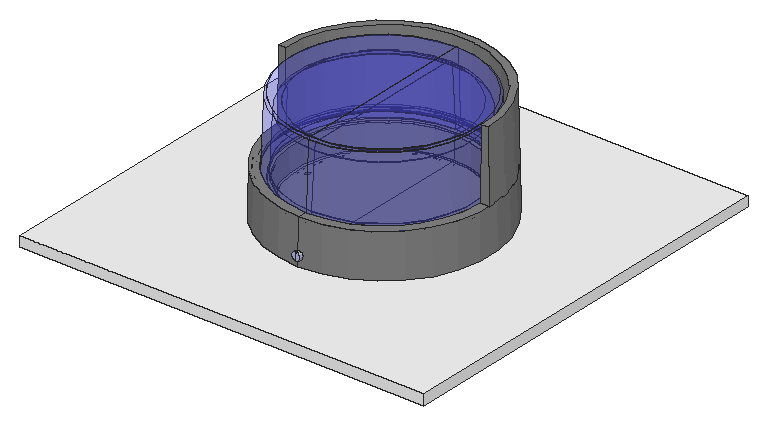
Revit family "BE_33508_de_DE", category Leuchten, Revit 2020
Family settings
  Basisbauteil = Fläche
  Bemaßung runder Anschluss = Durchmesser verwenden
  Teiletyp = Normal
  Beim Laden mit Abzugskörper schneiden = Ja
  Lichtquelle = Ja
  Gemeinsam genutzt = Nein
  Raumberechnungspunkt = Ja
Parameters (values of type "BEGA_33508_Grafit_K4")
  built-in parameter 1150104 = 9.2903 (stored number, unit not read)
  Wattage = 8.4 W
  Default Elevation = 0 mm
  built-in parameter 1150113 = 1 (stored number, unit not read)
  built-in parameter 1114218 = 1 (stored number, unit not read)
  Umgebungstemperatur = "25 °C"
  URL = "https://www.bega.com/de/produkt/33508"
  Typenkommentare = "© 2022 BEGA. Wir behalten uns das Recht vor, technische Änderungen ohne vorherige Ankündigung vorzunehmen."  # constant formula
  Type Image = 33508.png
  built-in parameter 1150134 = 12
  built-in parameter 1150109 = 1 (stored number, unit not read)
  Strom = ""
  built-in parameter 1150110 = 1 (stored number, unit not read)
  Spannung = 239.996 V
  Sonderanfertigung = no
  Seriennummer [instance] = "Hier können Sie die eindeutige Seriennummer für das Facility Management eintragen."
  Schutzklasse = "I"
  Schutzart = "IP 65"
  Scheinlast = 0 VA
  Produktdatenblatt = "https://cdn.bega.com/bega/products/33508K3/current/documents/data-sheets/de"
  Oberflächentemperatur = ""
  Neigungswinkel = 0.00°
  Modell = "33508K4"
  Material_11 = BEGA_Glas_opal
  Material_06 = BEGA_Oberfläche_Edelstahl_gebürstet
  Material_02 = BEGA_Oberfläche_Silber_matt
  Material_01 [instance] = BEGA_Oberfläche_Grafit_matt
  M_W = no
  M_G = yes
  M_A = no
  Logo = 0
  built-in parameter 1114217 = 1 (stored number, unit not read)
  built-in parameter 1150139 = (empty or 0)
  built-in parameter 1150105 = 193.94 (stored number, unit not read)
  built-in parameter 1150114 = 1 (stored number, unit not read)
  Lumens = 840 lm
  built-in parameter 1150115 = 1 (stored number, unit not read)
  Leuchtenlichtstrom = "549 lm"
  Leuchtenanzahl = ""
  Lebensdauerkriterien = "L70B50 @ 25 °C = 200000 h"
  Lastklassifizierung = Beleuchtung
  built-in parameter 1150112 = 1 (stored number, unit not read)
  Lampenlichtstrom = "1005 lm"
  Lampe = "LED 4.7 W"
  LED_Modulbezeichnung = "LED-0338/840"
  built-in parameter 1150142 = (empty or 0)
  Hersteller = "BEGA"  # constant formula
  Halbstreuwinkel = ""
  Gewicht = "2.6 kg"
  Gebrauchslageneinschränkung [instance] = ""
  Frequenz = "0/50-60 Hz"
  Farbwiedergabeindex = "CRI > 80"
  Farbtemperaturverschiebung bei Dämpfen der Lampe = <Keine Auswahl>
  Farbtemperatur = "4000 K"
  Color Filter = 16777215
  built-in parameter 1150133 = 10 (stored number, unit not read)
  Energieeffizienzklasse = "LED A++ - A"
  built-in parameter 1150137 = (empty or 0)
  built-in parameter 1150132 = (empty or 0)
  ENEC = "ja"
  Datei für fotometrisches Netz = "BE_33508K4.IES"
  CE_Konformität = "ja"
  Bestellnummer = "33508K4"
  Beschreibung_Sonderanfertigung = "Hier können Sie Informationen zur Sonderanfertigung eintragen."
  Beschreibung = "Decken- und Wandleuchte"
  built-in parameter 1150106 = 1.9394 (stored number, unit not read)
  Befestigungsbohrung = "Ø 4,5 mm"
  Befestigungsabstand = "150 mm"
  Ballwurfsicher = ""
  BEGA_Intern_aus = yes
  BEGA_Intern_an = yes
  BEGA_Intern_Konstruktion = yes
  BEGA_Intern = yes
  BEGA_IES3 = yes
  BEGA_IES2 = yes
  BEGA_IES1 = yes
  BEGA_IES = yes
  BEGA_Dummy = no
  Anschlussleitung = ""
  Anschlussleistung [instance] = "5.8 W"
  built-in parameter 1150107 = 4000 (stored number, unit not read)
  built-in parameter 1150102 = (empty or 0)
  built-in parameter 1150138 = (empty or 0)
  Aktualisierung = "2022-05-18T04:00:07"
  AC/DC = "AC/DC"
Types (4, lengths in mm): name | built-in parameter 1150104 | built-in parameter 1150134 | Modell | M_G | M_A | built-in parameter 1150105 | Lumens | Leuchtenlichtstrom | Lampenlichtstrom | LED_Modulbezeichnung | Farbtemperatur | Datei für fotometrisches Netz | Bestellnummer | built-in parameter 1150106 | built-in parameter 1150107
  BEGA_33508_Grafit_K4 | 9.2903 (stored number, unit not read) | 12 | "33508K4" | yes | no | 193.94 (stored number, unit not read) | 840 lm | "549 lm" | "1005 lm" | "LED-0338/840" | "4000 K" | "BE_33508K4.IES" | "33508K4" | 1.9394 (stored number, unit not read) | 4000 (stored number, unit not read)
  BEGA_33508_Grafit_K3 | 9.124 (stored number, unit not read) | (empty or 0) | "33508K3" | yes | no | 190.51 (stored number, unit not read) | 824.964 lm | "532 lm" | "975 lm" | "LED-0338/830" | "3000 K" | "BE_33508K3.IES" | "33508K3" | 1.9051 (stored number, unit not read) | 3000 (stored number, unit not read)
  BEGA_33508_Silber_K3 | 9.124 (stored number, unit not read) | (empty or 0) | "33508AK3" | no | yes | 190.51 (stored number, unit not read) | 824.964 lm | "532 lm" | "975 lm" | "LED-0338/830" | "3000 K" | "BE_33508K3.IES" | "33508AK3" | 1.9051 (stored number, unit not read) | 3000 (stored number, unit not read)
  BEGA_33508_Silber_K4 | 9.2903 (stored number, unit not read) | 12 | "33508AK4" | no | yes | 193.94 (stored number, unit not read) | 840 lm | "549 lm" | "1005 lm" | "LED-0338/840" | "4000 K" | "BE_33508K4.IES" | "33508AK4" | 1.9394 (stored number, unit not read) | 4000 (stored number, unit not read)
Reference planes
  plane 1 "Mitte (Vorne/Hinten)": y = 0
  plane 2: z = 0
  plane 3 "Mitte (Links/Rechts)": x = 0
  plane 4 "Links": x = -105.76
  plane 5 "Rechts": x = 105.76
  plane 6 "Unten": y = -105.759
  plane 7 "Oben": y = 105.759
  plane 8 "Vorne": z = 115.05
Forms (mm)
  Extrusion 1, solid, material "BEGA_Platte_Weiss"
    sketch origin (0, -1119.2, 0) x (1, 0, 0) y (0, 1, 0)
      loop
        line (-200, 1319.2) -> (-200, 919.2) -> (200, 919.2) -> (200, 1319.2) -> (-200, 1319.2)
    from 0 to -10
  Extrusion 2, solid, material "BEGA_Dummy_matt", visible <- "BEGA_Dummy"
    sketch origin (77.149, -76.023, 0) x (1, 0, 0) y (0, 1, 0)
      loop
        circle (-77.149, 76.023) r 105.76
    from 0 to 115.05
Dimensions and locks
  plane 1 "Mitte (Vorne/Hinten)" to Extrusion 1 = 200 mm
  aligned and locked: plane 2 to Extrusion 1
  aligned and locked: level to Extrusion 1
Nested families
  nested 1: "BE_33508" at (0, 0, 0) x (0, -1, 0) z (0, 0, 1), type "BE_33508"
Connectors
  electrical at (0, 0, 0), driven by "Lastklassifizierung", driven by "Spannung", driven by "Scheinlast"
    settings: index 1, voltage 239.996 V, apparent load 0 VA, apparent load phase1 0 VA, apparent load phase2 0 VA, apparent load phase3 0 VA, power factor 1, load classification "Beleuchtung", number of poles 1, system type 31, power factor state 1, is connector primary yes, connector utility no, sub classification motor no, connector description ""
Definition of nested family "BE_33508"
  Parameters (values of type "BE_33508")
    Default Elevation = 1 mm
    URL = "http://www.bega.de/de/produkt"
    Type Comments = "© 2015 BEGA. Wir behalten uns das Recht vor, technische Änderungen ohne vorherige Ankündigung vorzunehmen. "  # constant formula
    Type Image = (empty or 0)
    Material_17 = none
    Material_15 = none
    Material_11 = none
    Material_09 = none
    Material_06 = none
    Material_03 = none
    Material_02 = none
    Material_01 = none
    M_W = yes
    M_G = yes
    M_A = yes
    Länge_Platte = 200 mm  # constant formula
    Höhe_Platte = -10 mm  # constant formula
    Manufacturer = "BEGA"  # constant formula
    Breite_Platte = 200 mm  # constant formula
  Reference planes
    plane 1 "Mitte (Oben/Unten)": y = 0
    plane 2: z = 0
    plane 3 "Mitte (Links/Rechts)": x = 0
    plane 4 "Vorne": z = 115.05
    plane 5 "Hinten": z = 0
    plane 6 "Links": x = -105.759
    plane 7 "Rechts": x = 105.759
    plane 8 "Unten": y = -105.76
    plane 9: y = 105.76
  Forms (mm)
    Extrusion 1, solid, detail levels medium
      sketch origin (0, 0, 0) x (1, 0, 0) y (0, 1, 0)
        loop
          line (-100, 100) -> (-100, -100) -> (100, -100) -> (100, 100) -> (-100, 100)
      from 0 to -10 <- "Höhe_Platte"
    Revolve 2, solid, material <- "Material_01", visible <- "M_G", detail levels medium+fine
      sketch origin (0, 0, 0) x (1, 0, 0) y (0, 0, 1)
        loop
          line (-101.9, 33) -> (-101.787, 29.767) -> (-89.994, 29.772) -> (-89.214, 0) -> (-86.5, 0) -> (-86.316, 7.026)
          arc (-86.316, 7.026) -> (-86.014, 7.716) -> (-85.316, 8) r 1
          line (-85.316, 8) -> (0, 8) -> (0, 10.7) -> (-85.526, 10.7)
          arc (-85.526, 10.7) -> (-86.224, 10.984) -> (-86.526, 11.674) r 1
          line (-86.526, 11.674) -> (-87.11, 34) -> (-90.5, 34) -> (-90.57, 36) -> (-101.795, 36) -> (-101.9, 33)
        axis (0, 0) -> (0, 36)
      angle from 0 to 360
    Revolve 3, solid, material <- "Material_11", detail levels medium+fine
      sketch origin (0, 0, 0) x (1, 0, 0) y (0, 0, 1)
        loop
          arc (99.5, 41.8) -> (99.354, 42.154) -> (99, 42.3) r 0.5
          line (99, 42.3) -> (95.966, 42.3)
          arc (95.966, 42.3) -> (95.271, 42.581) -> (94.966, 43.266) r 1
          line (94.966, 43.266) -> (92.708, 107.935) -> (90.843, 109.8) -> (0, 109.8) -> (0, 101.8) -> (78.744, 101.8)
          arc (78.744, 101.8) -> (83.559, 99.876) -> (85.729, 95.166) r 7
          line (85.729, 95.166) -> (88.5, 42.3) -> (88.5, 37.3) -> (99, 37.3)
          arc (99, 37.3) -> (99.354, 37.446) -> (99.5, 37.8) r 0.5
          line (99.5, 37.8) -> (99.5, 41.8)
        axis (0, 109.8) -> (0, 37.3)
      angle from 0 to 360
    Revolve 4, solid, material <- "Material_01", visible <- "M_G", detail levels medium+fine
      sketch origin (0, 0, 0) x (1, 0, 0) y (0, 0, 1)
        loop
          line (-105, 45.05) -> (-105.759, 1.55) -> (-103.214, 1.55) -> (-102.49, 43.05) -> (-95.965, 43.05) -> (-96, 45.05) -> (-105, 45.05)
        axis (0, 1.55) -> (0, 45.05)
      angle from 0 to 360
    Revolve 5, solid, material <- "Material_01", visible <- "M_G", detail levels medium+fine
      sketch origin (0, 0, 0) x (0, 1, 0) y (0, 0, 1)
        loop
          line (103.778, 115.05) -> (97.222, 115.05) -> (96, 45.05) -> (105, 45.05) -> (103.778, 115.05)
        axis (0, 45.05) -> (0, 115.05)
      angle from 0 to 180
    Revolve 6, solid, material <- "Material_06", detail levels fine
      sketch origin (0, 0, 0) x (1, 0, 0) y (0, 0, 1)
        loop
          line (91.5, 14.55) -> (89.5, 12.55) -> (89.5, 11.55) -> (108.3, 11.55) -> (108.3, 15.55) -> (105.696, 15.55) -> (105.696, 14.55) -> (91.5, 14.55)
        axis (89.5, 11.55) -> (108.3, 11.55)
      angle from 0 to 360
    Revolve 7, solid, material <- "Material_02", visible <- "M_A", detail levels medium+fine
      sketch origin (0, 0, 0) x (1, 0, 0) y (0, 0, 1)
        loop
          line (-101.9, 33) -> (-101.787, 29.767) -> (-89.994, 29.772) -> (-89.214, 0) -> (-86.5, 0) -> (-86.316, 7.026)
          arc (-86.316, 7.026) -> (-86.014, 7.716) -> (-85.316, 8) r 1
          line (-85.316, 8) -> (0, 8) -> (0, 10.7) -> (-85.526, 10.7)
          arc (-85.526, 10.7) -> (-86.224, 10.984) -> (-86.526, 11.674) r 1
          line (-86.526, 11.674) -> (-87.11, 34) -> (-90.5, 34) -> (-90.57, 36) -> (-101.795, 36) -> (-101.9, 33)
        axis (0, 0) -> (0, 36)
      angle from 0 to 360
    Revolve 8, solid, material <- "Material_02", visible <- "M_A", detail levels medium+fine
      sketch origin (0, 0, 0) x (1, 0, 0) y (0, 0, 1)
        loop
          line (-105, 45.05) -> (-105.759, 1.55) -> (-103.214, 1.55) -> (-102.49, 43.05) -> (-95.965, 43.05) -> (-96, 45.05) -> (-105, 45.05)
        axis (0, 1.55) -> (0, 45.05)
      angle from 0 to 360
    Revolve 9, solid, material <- "Material_02", visible <- "M_A", detail levels medium+fine
      sketch origin (0, 0, 0) x (0, 1, 0) y (0, 0, 1)
        loop
          line (103.778, 115.05) -> (97.222, 115.05) -> (96, 45.05) -> (105, 45.05) -> (103.778, 115.05)
        axis (0, 45.05) -> (0, 115.05)
      angle from 0 to 180
    Extrusion 10, void
      sketch origin (0, 0, 0) x (1, 0, 0) y (0, 1, 0)
        loop
          circle (0, 75) r 2.25
        loop
          circle (0, -75) r 2.25
        loop
          circle (58.595, 19.994) r 7.5
        loop
          circle (58.595, -19.994) r 7.5
      from 0 to 14.55
  Cuts and joins
    joined: Revolve 4, Revolve 5
    joined: Revolve 8, Revolve 9
    Extrusion 10 cuts Revolve 2
    Extrusion 10 cuts Revolve 3
    Extrusion 10 cuts Revolve 7
  Dimensions and locks
    equal spacing: Extrusion 1 sketch curve, plane 3 "Mitte (Links/Rechts)", Extrusion 1 sketch curve
    equal spacing: Extrusion 1 sketch curve, plane 1 "Mitte (Oben/Unten)", Extrusion 1 sketch curve
    "Länge_Platte": Extrusion 1 sketch curve to Extrusion 1 sketch curve
    "Breite_Platte": Extrusion 1 sketch curve to Extrusion 1 sketch curve
    aligned and locked: plane 2 to Extrusion 1
    aligned and locked: level to Extrusion 1
  Automatic sketch dimensions
    Revolve 2 sketch curve to level = 0 mm
    Revolve 2 sketch curve to plane 3 "Mitte (Links/Rechts)" = 0 mm  (x2)
    level to Revolve 2 sketch curve = 8 mm
    Revolve 2 sketch curve to plane 3 "Mitte (Links/Rechts)" = 85.316 mm
    Revolve 2 sketch curve to Revolve 2 sketch curve = 0.21 mm
    Revolve 2 sketch curve to Revolve 2 sketch curve = 1.184 mm
    level to Revolve 2 sketch curve = 34 mm
    Revolve 2 sketch curve to Revolve 2 sketch curve = 1.584 mm
    Revolve 2 sketch curve to Revolve 2 sketch curve = 2.714 mm
    level to Revolve 2 sketch curve = 29.772 mm
    Revolve 2 sketch curve to Revolve 2 sketch curve = 2.884 mm
    Revolve 2 sketch curve to Revolve 2 sketch curve = 3.39 mm
    level to Revolve 2 sketch curve = 36 mm
    Revolve 2 sketch curve to Revolve 2 sketch curve = 0.07 mm
    Revolve 2 sketch curve to Revolve 2 sketch curve = 1 mm  (x4)
    Revolve 2 sketch curve to Revolve 2 sketch curve = 2.7 mm
    level to Revolve 2 sketch curve = 7.026 mm
    Revolve 2 sketch curve to Revolve 2 sketch curve = 0 mm  (x3)
    level to Revolve 2 sketch curve = 11.674 mm
    Revolve 2 sketch curve to Revolve 2 sketch curve = 38.656 mm
    Revolve 2 sketch curve to Revolve 2 sketch curve = 11.225 mm
    Revolve 2 sketch curve to Revolve 2 sketch curve = 0.113 mm
    level to Revolve 2 sketch curve = 33 mm
    Revolve 2 sketch curve to Revolve 2 sketch curve = 0.105 mm
    level to Revolve 2 sketch curve = 29.767 mm
    Revolve 3 sketch curve to plane 3 "Mitte (Links/Rechts)" = 0 mm  (x2)
    plane 3 "Mitte (Links/Rechts)" to Revolve 3 sketch curve = 78.739 mm
    Revolve 3 sketch curve to Revolve 3 sketch curve = 0.005 mm
    Revolve 3 sketch curve to Revolve 3 sketch curve = 9.761 mm
    Revolve 3 sketch curve to Revolve 3 sketch curve = 12.099 mm
    Revolve 3 sketch curve to Revolve 3 sketch curve = 1.865 mm
    level to Revolve 3 sketch curve = 43.266 mm
    Revolve 3 sketch curve to Revolve 3 sketch curve = 6.466 mm
    Revolve 3 sketch curve to Revolve 3 sketch curve = 0.999 mm
    Revolve 3 sketch curve to Revolve 3 sketch curve = 3.034 mm  (x2)
    Revolve 3 sketch curve to Revolve 3 sketch curve = 0.5 mm
    Revolve 3 sketch curve to Revolve 3 sketch curve = 0.966 mm  (x2)
    Revolve 3 sketch curve to Revolve 3 sketch curve = 4 mm  (x2)
    Revolve 3 sketch curve to Revolve 3 sketch curve = 52.5 mm
    Revolve 3 sketch curve to Revolve 3 sketch curve = 7 mm
    Revolve 3 sketch curve to Revolve 3 sketch curve = 6.135 mm
    Revolve 3 sketch curve to Revolve 3 sketch curve = 8 mm
    Revolve 3 sketch curve to Revolve 3 sketch curve = 6.99 mm
    Revolve 3 sketch curve to Revolve 3 sketch curve = 0 mm  (x2)
    Revolve 3 sketch curve to Revolve 3 sketch curve = 17.706 mm
    Revolve 4 sketch curve to plane 3 "Mitte (Links/Rechts)" = 0 mm
    level to Revolve 4 sketch curve = 3.436 mm
    Revolve 4 sketch curve to Revolve 4 sketch curve = 50 mm
    Revolve 5 sketch curve to plane 1 "Mitte (Oben/Unten)" = 0 mm
    level to Revolve 5 sketch curve = 45.05 mm
    Revolve 5 sketch curve to plane 1 "Mitte (Oben/Unten)" = 96 mm
    Revolve 5 sketch curve to Revolve 5 sketch curve = 1.222 mm
    Revolve 5 sketch curve to Revolve 5 sketch curve = 6.556 mm
    Revolve 5 sketch curve to Revolve 5 sketch curve = 9 mm
    Revolve 5 sketch curve to Revolve 5 sketch curve = 70 mm
    level to Revolve 5 sketch curve = 67.196 mm
    Revolve 5 sketch curve to Revolve 5 sketch curve = 50 mm
    Revolve 4 sketch curve to plane 3 "Mitte (Links/Rechts)" = 96 mm
    level to Revolve 4 sketch curve = 1.55 mm
    Revolve 4 sketch curve to Revolve 4 sketch curve = 0.759 mm
    Revolve 4 sketch curve to Revolve 4 sketch curve = 9.035 mm
    Revolve 4 sketch curve to Revolve 4 sketch curve = 2 mm
    Revolve 4 sketch curve to Revolve 4 sketch curve = 6.524 mm
    Revolve 4 sketch curve to Revolve 4 sketch curve = 9 mm
    Revolve 4 sketch curve to Revolve 4 sketch curve = 2.545 mm
    level to Revolve 4 sketch curve = 43.05 mm
    level to Revolve 6 sketch curve = 11.55 mm
    plane 3 "Mitte (Links/Rechts)" to Revolve 6 sketch curve = 89.5 mm
    level to Revolve 6 sketch curve = 14.55 mm
    Revolve 6 sketch curve to Revolve 6 sketch curve = 2 mm
    Revolve 6 sketch curve to Revolve 6 sketch curve = 14.196 mm
    Revolve 6 sketch curve to Revolve 6 sketch curve = 2.604 mm
    Revolve 6 sketch curve to Revolve 6 sketch curve = 1 mm  (x2)
    Revolve 6 sketch curve to Revolve 6 sketch curve = 1.754 mm
    Revolve 6 sketch curve to Revolve 6 sketch curve = 0.918 mm
    Revolve 6 sketch curve to Revolve 6 sketch curve = 3 mm
    Revolve 7 sketch curve to level = 0 mm
    Revolve 7 sketch curve to plane 3 "Mitte (Links/Rechts)" = 0 mm  (x2)
    level to Revolve 7 sketch curve = 7 mm
    Revolve 7 sketch curve to plane 3 "Mitte (Links/Rechts)" = 85.316 mm
    Revolve 7 sketch curve to Revolve 7 sketch curve = 0.21 mm
    Revolve 7 sketch curve to Revolve 7 sketch curve = 1.184 mm
    level to Revolve 7 sketch curve = 34 mm
    Revolve 7 sketch curve to Revolve 7 sketch curve = 1.584 mm
    Revolve 7 sketch curve to Revolve 7 sketch curve = 2.714 mm
    level to Revolve 7 sketch curve = 29.772 mm
    Revolve 7 sketch curve to Revolve 7 sketch curve = 2.884 mm
    Revolve 7 sketch curve to Revolve 7 sketch curve = 3.39 mm
    level to Revolve 7 sketch curve = 36 mm
    Revolve 7 sketch curve to Revolve 7 sketch curve = 0.07 mm
    level to Revolve 7 sketch curve = 29.767 mm
    Revolve 7 sketch curve to Revolve 7 sketch curve = 11.793 mm
    Revolve 7 sketch curve to Revolve 7 sketch curve = 0.008 mm
    level to Revolve 7 sketch curve = 33 mm
    Revolve 7 sketch curve to Revolve 7 sketch curve = 0.105 mm
    level to Revolve 7 sketch curve = 8 mm
    Revolve 7 sketch curve to Revolve 7 sketch curve = 2.7 mm
    Revolve 7 sketch curve to Revolve 7 sketch curve = 1 mm  (x3)
    level to Revolve 7 sketch curve = 7.026 mm
    Revolve 7 sketch curve to Revolve 7 sketch curve = 0 mm  (x3)
    level to Revolve 7 sketch curve = 11.674 mm
    Revolve 7 sketch curve to Revolve 7 sketch curve = 38.656 mm
    Revolve 8 sketch curve to plane 3 "Mitte (Links/Rechts)" = 0 mm
    level to Revolve 8 sketch curve = 43.05 mm
    Revolve 8 sketch curve to plane 3 "Mitte (Links/Rechts)" = 95.965 mm
    level to Revolve 8 sketch curve = 45.05 mm
    Revolve 8 sketch curve to Revolve 8 sketch curve = 0.035 mm
    Revolve 8 sketch curve to Revolve 8 sketch curve = 6.524 mm
    level to Revolve 8 sketch curve = 1.55 mm
    Revolve 8 sketch curve to Revolve 8 sketch curve = 0.724 mm
    Revolve 8 sketch curve to Revolve 8 sketch curve = 2.51 mm
    Revolve 8 sketch curve to Revolve 8 sketch curve = 2.545 mm
    level to Revolve 8 sketch curve = 3.436 mm
    Revolve 8 sketch curve to Revolve 8 sketch curve = 50 mm
    Revolve 9 sketch curve to plane 1 "Mitte (Oben/Unten)" = 0 mm
    level to Revolve 9 sketch curve = 45.05 mm
    Revolve 9 sketch curve to plane 1 "Mitte (Oben/Unten)" = 96 mm
    Revolve 9 sketch curve to Revolve 9 sketch curve = 1.222 mm
    Revolve 9 sketch curve to Revolve 9 sketch curve = 6.556 mm
    Revolve 9 sketch curve to Revolve 9 sketch curve = 9 mm
    Revolve 9 sketch curve to Revolve 9 sketch curve = 70 mm
    level to Revolve 9 sketch curve = 67.196 mm
    Revolve 9 sketch curve to Revolve 9 sketch curve = 50 mm
    Extrusion 10 sketch curve to plane 3 "Mitte (Links/Rechts)" = 0 mm  (x2)
    plane 1 "Mitte (Oben/Unten)" to Extrusion 10 sketch curve = 19.994 mm
    plane 3 "Mitte (Links/Rechts)" to Extrusion 10 sketch curve = 58.595 mm
    Extrusion 10 sketch curve to plane 1 "Mitte (Oben/Unten)" = 19.994 mm
    Extrusion 10 sketch curve to Extrusion 10 sketch curve = 0 mm
    plane 1 "Mitte (Oben/Unten)" to Extrusion 10 sketch curve = 75 mm
    Extrusion 10 sketch curve to plane 1 "Mitte (Oben/Unten)" = 75 mm
    radius of Extrusion 10 sketch curve = 2.25 mm  (x2)
    radius of Extrusion 10 sketch curve = 7.5 mm  (x2)
